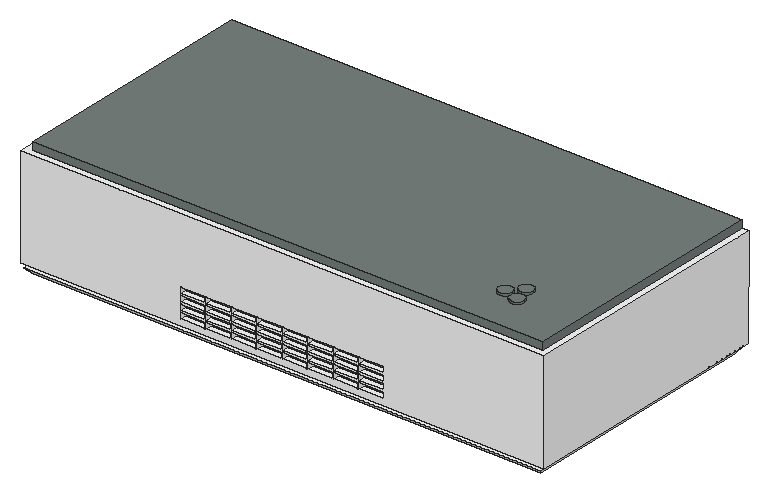
Revit family "AM 150 HHLBB", category Mechanical Equipment, Revit 2019
Family settings
  Round Connector Dimension = Use Diameter
  Part Type = Normal
  OmniClass Number = 23.75.00.00
  OmniClass Title = Climate Control (HVAC)
  Work Plane-Based = No
  Always vertical = Yes
  Cut with Voids When Loaded = No
  Shared = No
  Room Calculation Point = No
Parameters
  publication date = "09.10.2024"
  Weight (Standard Unit) = 47  # constant formula
  Water Heater Surface Return = 15 mm  # constant formula
  Water Heater Surface IN = 15 mm  # constant formula
  Version number = "1.0"
  URL = "https://www.airmaster-as.com/products/ventilation-units-wall-mounted/am-150"
  Total Width = 1170 mm  # constant formula
  Total Hight = 262 mm  # constant formula
  T-C Duct Supply = 158 mm  # constant formula
  T-C Duct Exhaust = 158 mm  # constant formula
  Suply Air In = 160 mm  # constant formula
  R-C Duct Supply = 105 mm  # constant formula
  Phase 1 - Max Power Consumption = "1175 W"
  Phase 1 - Max Current = "7,97 A"
  Nominal current, electrical preheating surface = "4,35 A"
  Nominal current, electrical comfort heating surface = "2,17 A"
  Nominal current, air handling unit = "1,45 A"
  Network Conection = "AWG 24 CAT 5e STP"
  Model = "AM 150 HHLBB"
  Max. flow rate 35 dB(A) with ePM10 80% filters = 120.00 m³  # constant formula
  Max. flow rate 35 dB(A) with ePM10 55% filters = 137.00 m³  # constant formula
  Max. flow rate 35 dB(A) with ePM10 50% filters = 156.00 m³  # constant formula
  Max. flow rate 30 dB(A) with ePM10 80% filters = 91.00 m³  # constant formula
  Max. flow rate 30 dB(A) with ePM10 55% filters = 98.00 m³  # constant formula
  Max. flow rate 30 dB(A) with ePM10 50% filters = 123.00 m³  # constant formula
  Manufacturer = "Airmaster A/S"
  Maintenance [instance] = no
  L-C Duct Exhaust = 105 mm  # constant formula
  Exhaust Air = 160 mm  # constant formula
  Total Depth = 571 mm  # constant formula
  Electrical connection = "1 ~ 230 V / N / PE / 50 Hz"
  Drawn By = "LSB"
  Condensate = 6 mm  # constant formula
  BMS Panel = "(PTS) 2x2x0,6"
  BMS Out = "(PTS) 2x2x0,6"
  BMS IN = "(PTS) 2x2x0,6"
  Airlow area [instance] = no
Reference planes
  plane 1 "Center (Front/Back)": y = 0
  plane 2: z = 0
  plane 3 "Center (Left/Right)": x = 0
  plane 4 "Center L/S": y = -571
  plane 5 "Center L/T": x = -585
  plane 6 "Center L/U": x = 585
  plane 7 "TOP": z = 262
  plane 8 "Center L/V": x = -570
  plane 9 "Center L/W": y = -556
  plane 10 "Center L/X": x = 570
  plane 11 "Panel Buttom": z = 20.747
  plane 12 "Panel Top": z = 246.501
  plane 13 "Hatch": z = 14.5
Forms (mm)
  Extrusion 1, solid, material "AM Grey"
    sketch origin (0, 0, 0) x (1, 0, 0) y (0, 1, 0)
      loop
        line (-570, 0) -> (-570, -556) -> (570, -556) -> (570, 0) -> (-570, 0)
    from 14.5 to 262
  Extrusion 2, solid, material "AM White"
    sketch origin (794.5, -1524, 20.747) x (0, -1, 0) y (-1, 0, 0)
      loop
        line (-1524, 1379.5) -> (-1524, 1364.5) -> (-968, 1364.5) -> (-968, 224.5) -> (-1524, 224.5) -> (-1524, 209.5) -> (-953, 209.5) -> (-953, 1379.5) -> (-1524, 1379.5)
    from 0 to -225.754
  Blend 3, solid, material "AM White"
    base sketch origin (-790.646, -1524, 14.5) x (0, -1, 0) y (1, 0, 0)
      loop
        line (-953, 212.613) -> (-953, 1368.657) -> (-1524, 1368.657) -> (-1524, 212.613) -> (-953, 212.613)
    top sketch origin (-790.646, -1524, 14.5) x (0, -1, 0) y (1, 0, 0)
      loop
        line (-968, 223.963) -> (-968, 1357.646) -> (-1509.161, 1357.646) -> (-1509.161, 223.963) -> (-968, 223.963)
    from 0 to -14.5
  Extrusion 4, solid, material "AM Grey"
    sketch origin (-570, 0, 0) x (1, 0, 0) y (0, 0, -1)
      loop
        circle (1050, -119.501) r 77.16
      loop
        circle (1050, -119.501) r 78
    from 0 to 18.45
  Extrusion 5, solid, material "AM Grey"
    sketch origin (-785, 0, 0) x (1, 0, 0) y (0, 0, -1)
      loop
        circle (305, -119.501) r 77.16
      loop
        circle (305, -119.501) r 78
    from 0 to 18.45
  Extrusion 6, solid, material "Maintenece", visible <- "Maintenance"
    sketch origin (-790.646, -1524, 0) x (1, 0, 0) y (0, -1, 0)
      loop
        line (205.646, -1524) -> (1375.646, -1524) -> (1375.646, -953) -> (205.646, -953) -> (205.646, -1524)
    from 0 to 1200
  Extrusion 7, solid, material "Maintenece", visible <- "Airlow area"
    sketch origin (643.033, 0, 24.45) x (0, -1, 0) y (0, 0, -1)
      loop
        line (0, -98.297) -> (571, -98.297) -> (571, 21) -> (0, 21) -> (0, -98.297)
    from -1175 to -1728.033
  Extrusion 8, solid, material "AM Grey"
    sketch origin (864.025, -882.881, 262) x (-1, 0, 0) y (0, -1, 0)
      loop
        circle (423.027, -417.273) r 15.55
    from 0 to 3
  Extrusion 9, solid, material "AM Grey"
    sketch origin (853.177, -901.249, 262) x (-1, 0, 0) y (0, -1, 0)
      loop
        circle (447.132, -446.023) r 15.55
    from 0 to 3
  Extrusion 10, solid, material "AM Grey"
    sketch origin (842.756, -882.303, 262) x (-1, 0, 0) y (0, -1, 0)
      loop
        circle (410.201, -452.535) r 15.55
    from 0 to 3
  Extrusion 11, void
    sketch origin (585, -571, 24.45) x (1, 0, 0) y (0, 0, -1)
      loop
        line (-811.5, -75.55) -> (-757.5, -75.55) -> (-757.5, -61.55) -> (-811.5, -61.55) -> (-811.5, -75.55)
      loop
        line (-811.5, -58.55) -> (-757.5, -58.55) -> (-757.5, -44.55) -> (-811.5, -44.55) -> (-811.5, -58.55)
      loop
        line (-811.5, -41.55) -> (-757.5, -41.55) -> (-757.5, -27.55) -> (-811.5, -27.55) -> (-811.5, -41.55)
      loop
        line (-811.5, -24.55) -> (-757.5, -24.55) -> (-757.5, -10.55) -> (-811.5, -10.55) -> (-811.5, -24.55)
      loop
        line (-754.5, -75.55) -> (-700.5, -75.55) -> (-700.5, -61.55) -> (-754.5, -61.55) -> (-754.5, -75.55)
      loop
        line (-754.5, -58.55) -> (-700.5, -58.55) -> (-700.5, -44.55) -> (-754.5, -44.55) -> (-754.5, -58.55)
      loop
        line (-754.5, -41.55) -> (-700.5, -41.55) -> (-700.5, -27.55) -> (-754.5, -27.55) -> (-754.5, -41.55)
      loop
        line (-754.5, -24.55) -> (-700.5, -24.55) -> (-700.5, -10.55) -> (-754.5, -10.55) -> (-754.5, -24.55)
      loop
        line (-697.5, -75.55) -> (-643.5, -75.55) -> (-643.5, -61.55) -> (-697.5, -61.55) -> (-697.5, -75.55)
      loop
        line (-697.5, -58.55) -> (-643.5, -58.55) -> (-643.5, -44.55) -> (-697.5, -44.55) -> (-697.5, -58.55)
      loop
        line (-697.5, -41.55) -> (-643.5, -41.55) -> (-643.5, -27.55) -> (-697.5, -27.55) -> (-697.5, -41.55)
      loop
        line (-697.5, -24.55) -> (-643.5, -24.55) -> (-643.5, -10.55) -> (-697.5, -10.55) -> (-697.5, -24.55)
      loop
        line (-640.5, -75.55) -> (-586.5, -75.55) -> (-586.5, -61.55) -> (-640.5, -61.55) -> (-640.5, -75.55)
      loop
        line (-640.5, -58.55) -> (-586.5, -58.55) -> (-586.5, -44.55) -> (-640.5, -44.55) -> (-640.5, -58.55)
      loop
        line (-640.5, -41.55) -> (-586.5, -41.55) -> (-586.5, -27.55) -> (-640.5, -27.55) -> (-640.5, -41.55)
      loop
        line (-640.5, -24.55) -> (-586.5, -24.55) -> (-586.5, -10.55) -> (-640.5, -10.55) -> (-640.5, -24.55)
      loop
        line (-583.5, -75.55) -> (-529.5, -75.55) -> (-529.5, -61.55) -> (-583.5, -61.55) -> (-583.5, -75.55)
      loop
        line (-583.5, -58.55) -> (-529.5, -58.55) -> (-529.5, -44.55) -> (-583.5, -44.55) -> (-583.5, -58.55)
      loop
        line (-583.5, -41.55) -> (-529.5, -41.55) -> (-529.5, -27.55) -> (-583.5, -27.55) -> (-583.5, -41.55)
      loop
        line (-583.5, -24.55) -> (-529.5, -24.55) -> (-529.5, -10.55) -> (-583.5, -10.55) -> (-583.5, -24.55)
      loop
        line (-526.5, -75.55) -> (-472.5, -75.55) -> (-472.5, -61.55) -> (-526.5, -61.55) -> (-526.5, -75.55)
      loop
        line (-526.5, -58.55) -> (-472.5, -58.55) -> (-472.5, -44.55) -> (-526.5, -44.55) -> (-526.5, -58.55)
      loop
        line (-526.5, -41.55) -> (-472.5, -41.55) -> (-472.5, -27.55) -> (-526.5, -27.55) -> (-526.5, -41.55)
      loop
        line (-526.5, -24.55) -> (-472.5, -24.55) -> (-472.5, -10.55) -> (-526.5, -10.55) -> (-526.5, -24.55)
      loop
        line (-469.5, -75.55) -> (-415.5, -75.55) -> (-415.5, -61.55) -> (-469.5, -61.55) -> (-469.5, -75.55)
      loop
        line (-469.5, -58.55) -> (-415.5, -58.55) -> (-415.5, -44.55) -> (-469.5, -44.55) -> (-469.5, -58.55)
      loop
        line (-469.5, -41.55) -> (-415.5, -41.55) -> (-415.5, -27.55) -> (-469.5, -27.55) -> (-469.5, -41.55)
      loop
        line (-469.5, -24.55) -> (-415.5, -24.55) -> (-415.5, -10.55) -> (-469.5, -10.55) -> (-469.5, -24.55)
      loop
        line (-412.5, -75.55) -> (-358.5, -75.55) -> (-358.5, -61.55) -> (-412.5, -61.55) -> (-412.5, -75.55)
      loop
        line (-412.5, -58.55) -> (-358.5, -58.55) -> (-358.5, -44.55) -> (-412.5, -44.55) -> (-412.5, -58.55)
      loop
        line (-412.5, -41.55) -> (-358.5, -41.55) -> (-358.5, -27.55) -> (-412.5, -27.55) -> (-412.5, -41.55)
      loop
        line (-412.5, -24.55) -> (-358.5, -24.55) -> (-358.5, -10.55) -> (-412.5, -10.55) -> (-412.5, -24.55)
    from 0 to 15
  Extrusion 12, void
    sketch origin (-585, 0, 20.747) x (0, 1, 0) y (0, 0, 1)
      loop
        line (-529, 79.253) -> (-529, 65.253) -> (-475, 65.253) -> (-475, 79.253) -> (-529, 79.253)
      loop
        line (-529, 62.253) -> (-529, 48.253) -> (-475, 48.253) -> (-475, 62.253) -> (-529, 62.253)
      loop
        line (-529, 45.253) -> (-529, 31.253) -> (-475, 31.253) -> (-475, 45.253) -> (-529, 45.253)
      loop
        line (-529, 28.253) -> (-529, 14.253) -> (-475, 14.253) -> (-475, 28.253) -> (-529, 28.253)
      loop
        line (-472, 79.253) -> (-472, 65.253) -> (-418, 65.253) -> (-418, 79.253) -> (-472, 79.253)
      loop
        line (-472, 62.253) -> (-472, 48.253) -> (-418, 48.253) -> (-418, 62.253) -> (-472, 62.253)
      loop
        line (-472, 45.253) -> (-472, 31.253) -> (-418, 31.253) -> (-418, 45.253) -> (-472, 45.253)
      loop
        line (-472, 28.253) -> (-472, 14.253) -> (-418, 14.253) -> (-418, 28.253) -> (-472, 28.253)
      loop
        line (-415, 79.253) -> (-415, 65.253) -> (-361, 65.253) -> (-361, 79.253) -> (-415, 79.253)
      loop
        line (-415, 62.253) -> (-415, 48.253) -> (-361, 48.253) -> (-361, 62.253) -> (-415, 62.253)
      loop
        line (-415, 45.253) -> (-415, 31.253) -> (-361, 31.253) -> (-361, 45.253) -> (-415, 45.253)
      loop
        line (-415, 28.253) -> (-415, 14.253) -> (-361, 14.253) -> (-361, 28.253) -> (-415, 28.253)
      loop
        line (-358, 79.253) -> (-358, 65.253) -> (-304, 65.253) -> (-304, 79.253) -> (-358, 79.253)
      loop
        line (-358, 62.253) -> (-358, 48.253) -> (-304, 48.253) -> (-304, 62.253) -> (-358, 62.253)
      loop
        line (-358, 45.253) -> (-358, 31.253) -> (-304, 31.253) -> (-304, 45.253) -> (-358, 45.253)
      loop
        line (-358, 28.253) -> (-358, 14.253) -> (-304, 14.253) -> (-304, 28.253) -> (-358, 28.253)
      loop
        line (-301, 79.253) -> (-301, 65.253) -> (-247, 65.253) -> (-247, 79.253) -> (-301, 79.253)
      loop
        line (-301, 62.253) -> (-301, 48.253) -> (-247, 48.253) -> (-247, 62.253) -> (-301, 62.253)
      loop
        line (-301, 45.253) -> (-301, 31.253) -> (-247, 31.253) -> (-247, 45.253) -> (-301, 45.253)
      loop
        line (-301, 28.253) -> (-301, 14.253) -> (-247, 14.253) -> (-247, 28.253) -> (-301, 28.253)
    from 0 to 15
Cuts and joins
  Extrusion 11, Extrusion 12 cuts Extrusion 1
  Extrusion 11, Extrusion 12 cuts Extrusion 2
  Extrusion 12 cuts Extrusion 7
Dimensions and locks
  "Total Depth": plane 4 "Center L/S" to plane 1 "Center (Front/Back)"
  equal spacing: plane 5 "Center L/T", plane 3 "Center (Left/Right)", plane 6 "Center L/U"
  "Total Width": plane 5 "Center L/T" to plane 6 "Center L/U"
  "Total Hight": plane 7 "TOP" to level
  locked: plane 10 "Center L/X" to plane 6 "Center L/U" at 15
  locked: plane 4 "Center L/S" to plane 9 "Center L/W" at 15
  locked: plane 8 "Center L/V" to plane 5 "Center L/T" at 15
  Extrusion 1 to Blend 3 sketch curve = 14.839 mm
  plane 11 "Panel Buttom" to level = 20.747 mm
  plane 7 "TOP" to plane 12 "Panel Top" = 15.499 mm
  aligned and locked: level to plane 2
  aligned and locked: plane 1 "Center (Front/Back)" to Extrusion 1 sketch curve
  aligned and locked: plane 8 "Center L/V" to Extrusion 1 sketch curve
  aligned and locked: Extrusion 1 sketch curve to plane 9 "Center L/W"
  aligned and locked: Extrusion 1 sketch curve to plane 10 "Center L/X"
  aligned and locked: plane 7 "TOP" to Extrusion 1
  aligned and locked: plane 5 "Center L/T" to Extrusion 2 sketch curve
  aligned and locked: plane 4 "Center L/S" to Extrusion 2 sketch curve
  aligned and locked: plane 6 "Center L/U" to Extrusion 2 sketch curve
  aligned and locked: Extrusion 2 sketch curve to Extrusion 1  (x3)
  aligned and locked: plane 1 "Center (Front/Back)" to Extrusion 2 sketch curve
  aligned and locked: Extrusion 2 to plane 12 "Panel Top"
  aligned and locked: Blend 3 to plane 2
  aligned and locked: plane 13 "Hatch" to Extrusion 1
Automatic sketch dimensions
  plane 1 "Center (Front/Back)" to Extrusion 2 sketch curve = 0 mm
  plane 1 "Center (Front/Back)" to Blend 3 sketch curve = 0 mm
  plane 4 "Center L/S" to Blend 3 sketch curve = 0 mm
  plane 5 "Center L/T" to Blend 3 sketch curve = 6.967 mm
  Blend 3 sketch curve to plane 6 "Center L/U" = 6.989 mm
  plane 9 "Center L/W" to Blend 3 sketch curve = 0 mm
  plane 8 "Center L/V" to Blend 3 sketch curve = 3.316 mm
  Blend 3 sketch curve to plane 10 "Center L/X" = 3 mm
  Extrusion 4 sketch curve to Extrusion 4 sketch curve = 0 mm  (x2)
  Extrusion 4 sketch curve to Extrusion 1 = 90 mm
  Extrusion 1 to Extrusion 4 sketch curve = 105.001 mm
  Extrusion 6 sketch curve to Blend 3 = 18.316 mm
  Extrusion 6 sketch curve to Blend 3 = 18 mm
  Extrusion 6 sketch curve to Blend 3 = 15 mm
  Extrusion 6 sketch curve to Blend 3 = 14.839 mm
  Extrusion 7 sketch curve to plane 1 "Center (Front/Back)" = 0 mm
  Extrusion 7 sketch curve to plane 4 "Center L/S" = 0 mm
  Extrusion 7 sketch curve to plane 11 "Panel Buttom" = 102 mm
  level to Extrusion 7 sketch curve = 3.45 mm
  Extrusion 11 sketch curve to Extrusion 2 = 79.253 mm  (x2)
  Extrusion 11 sketch curve to Extrusion 2 = 358.5 mm
  Extrusion 11 sketch curve to Extrusion 2 = 14.253 mm
  Extrusion 11 sketch curve to Extrusion 11 sketch curve = 0 mm  (x60)
  Extrusion 11 sketch curve to Extrusion 11 sketch curve = 54 mm  (x8)
  Extrusion 11 sketch curve to Extrusion 11 sketch curve = 3 mm  (x38)
  Extrusion 11 sketch curve to Extrusion 11 sketch curve = 14 mm  (x18)
  Extrusion 2 to Extrusion 12 sketch curve = 42 mm  (x2)
  Extrusion 12 sketch curve to Extrusion 2 = 14.253 mm  (x3)
  Extrusion 12 sketch curve to Extrusion 12 sketch curve = 0 mm  (x34)
  Extrusion 12 sketch curve to Extrusion 12 sketch curve = 54 mm  (x5)
  Extrusion 12 sketch curve to Extrusion 12 sketch curve = 3 mm  (x23)
  Extrusion 12 sketch curve to Extrusion 12 sketch curve = 14 mm  (x13)
  Extrusion 8 sketch curve to Extrusion 1 = 1010.998 mm
  Extrusion 8 sketch curve to Extrusion 1 = 90.392 mm
  Extrusion 9 sketch curve to Extrusion 1 = 976.045 mm
  Extrusion 9 sketch curve to Extrusion 1 = 100.774 mm
  Extrusion 10 sketch curve to Extrusion 1 = 1002.555 mm
  Extrusion 10 sketch curve to Extrusion 1 = 126.232 mm
  radius of Extrusion 4 sketch curve = 77.16 mm
  radius of Extrusion 4 sketch curve = 78 mm
  radius of Extrusion 8 sketch curve = 15.55 mm
  radius of Extrusion 9 sketch curve = 15.55 mm
  radius of Extrusion 10 sketch curve = 15.55 mm
Nested families
  nested 1: "Model Label 2019" at (0, -361.924, 0), Label <- "Model", type "Model Label 2019"
    with Label "AM 150 HHLBB"
  nested 2: "Pil Indtag" at (-1115, -380, 0), type "Pil Indtag"
    with dX_ 609 mm, dX 609 mm, ang2D 0.00°
  nested 3: "indblæssymbol" at (0, -621, 0) x (0, -1, 0) z (0, 0, 1), type "indblæssymbol"
    with dX_ 609 mm, dX 609 mm, ang2D 0.00°
Connectors
  electrical at (440.998, -465.608, 262)
    settings: on Extrusion 8, index 13, voltage 230 V, apparent load 0 VA, apparent load phase1 0 VA, apparent load phase2 0 VA, apparent load phase3 0 VA, power factor 0.55, load classification "Other", number of poles 1, system type 30, power factor state 1, is connector primary yes, connector utility no, sub classification motor no, connector description ""
  electrical at (406.045, -455.226, 262), driven by "BMS Out"
    settings: on Extrusion 9, index 14, voltage 0 V, apparent load 0 VA, apparent load phase1 0 VA, apparent load phase2 0 VA, apparent load phase3 0 VA, power factor 1, load classification "Other", number of poles 1, system type 5, power factor state 1, is connector primary no, connector utility no, sub classification motor no, connector description "(PTS) 2x2x0,6"
  electrical at (432.555, -429.768, 262), driven by "BMS IN"
    settings: on Extrusion 10, index 15, voltage 0 V, apparent load 0 VA, apparent load phase1 0 VA, apparent load phase2 0 VA, apparent load phase3 0 VA, power factor 1, load classification "Other", number of poles 1, system type 5, power factor state 1, is connector primary no, connector utility no, sub classification motor no, connector description "(PTS) 2x2x0,6"
  hvac at (-480, 0, 119.501), driven by "Exhaust Air"
    settings: on Extrusion 5, index 16, duct flow 0.0 L/s, flow factor 0, pres drop 0.0 Pa, loss coef 0, conn angle 0.00°, conn width 304.8 mm, conn height 304.8 mm, conn diameter 160 mm, duct sys type 1, conn prof type 0, flow config 2, flow direction 2, loss method 0, conn ref index -1, conn util no, is conn primary yes, conn desc ""
  hvac at (480, 0, 119.501), driven by "Suply Air In"
    settings: on Extrusion 4, index 17, duct flow 0.0 L/s, flow factor 0, pres drop 0.0 Pa, loss coef 0, conn angle 0.00°, conn width 304.8 mm, conn height 304.8 mm, conn diameter 160 mm, duct sys type 3, conn prof type 0, flow config 2, flow direction 1, loss method 0, conn ref index -1, conn util no, is conn primary no, conn desc ""
Definition of nested family "Model Label 2019"
  Parameters (values of type "Model Label 2019")
    Label [instance] = ""
  Reference planes
    plane 1: y = 0
    plane 2: x = 0
  Text (mm)
    label "Label" at (-0.131, 0.049, 0), shows "Label"
Definition of nested family "Pil Indtag"
  Parameters (values of type "Pil Indtag")
    dX_ [instance] = if(dX = 0 mm, 1 mm, dX)  # 609 mm
    dX [instance] = 609 mm
    ang2D [instance] = 0.00°
    Type Comments = "DO NOT CHANGE dX value from 608 mm ( 2 ft )"
    Afstand pil = 50 mm
  Reference planes
    plane 1 "Center (Front/Back)": y = 0
    plane 2: z = 0
    plane 3 "Center (Left/Right)": x = 0
    plane 4: x = 500
  Lines and regions (mm)
    Filled region 1, type "Concrete", in view "Ref. Level"
      outline origin (0, 0, 0) x (1, 0, 0) y (0, 1, 0)
        loop
          line (499.552, 0) -> (401.072, 17.365) -> (401.072, -17.365) -> (499.552, 0)
    reference lines, in view "Ref. Level"
      curve 1: line (50, 134.129, 0) -> (50, -145.871, 0)
    detail lines, in view "Ref. Level", not visible
      curve 2: arc (335, 0, 0) -> (385.559, -50.321, 0) -> (434.999, 1.101, 0) r 50.01
      curve 3: arc (335, 0, 0) -> (285.666, 52.633, 0) -> (235.069, 1.212, 0) r 50.01
      curve 4: line (434.999, 1.101, 0) -> (434.999, 21.156, 0)
      curve 5: line (235.069, 1.212, 0) -> (235.069, -18.844, 0)
    detail lines, in view "Ref. Level"
      curve 6: arc (225.332, 0, 0) -> (272.332, -35.211, 0) -> (294.114, 19.326, 0) r 36.995
      curve 7: arc (225.206, 0, 0) -> (173.868, 30.307, 0) -> (156.85, -26.829, 0) r 37.835
      curve 8: line (499.552, 0, 0) -> (401.072, 17.365, 0)
      curve 9: line (401.072, 17.365, 0) -> (401.072, -17.365, 0)
      curve 10: line (401.072, -17.365, 0) -> (499.552, 0, 0)
      curve 11: line (499.552, 0, 0) -> (-15.448, 0, 0)
  Dimensions and locks
    "Afstand pil": plane 3 "Center (Left/Right)" to curve 1
    plane 3 "Center (Left/Right)" to plane 4 = 500 mm
  Automatic sketch dimensions
    plane 1 "Center (Front/Back)" to Filled region 1 sketch curve = 0 mm
    Filled region 1 sketch curve to plane 4 = 0.448 mm
    plane 1 "Center (Front/Back)" to Filled region 1 sketch curve = 17.365 mm
    Filled region 1 sketch curve to plane 4 = 98.928 mm
    Filled region 1 sketch curve to plane 1 "Center (Front/Back)" = 17.365 mm
    plane 1 "Center (Front/Back)" to curve 11 = 0 mm
    plane 1 "Center (Front/Back)" to curve 7 = 4.913 mm
    plane 3 "Center (Left/Right)" to curve 7 = 187.691 mm
    curve 6 to plane 1 "Center (Front/Back)" = 0.405 mm
    curve 7 to curve 6 = 74.634 mm
    curve 9 to plane 1 "Center (Front/Back)" = 17.365 mm
    curve 9 to plane 4 = 98.928 mm
    curve 11 to plane 4 = 0.448 mm
    plane 1 "Center (Front/Back)" to curve 10 = 17.365 mm
    curve 7 to curve 7 = 30.842 mm
    curve 11 to plane 3 "Center (Left/Right)" = 15.448 mm
    curve 7 to curve 6 = 37.119 mm
    curve 7 to curve 6 = 0.126 mm
    curve 6 to plane 1 "Center (Front/Back)" = 19.326 mm
    plane 1 "Center (Front/Back)" to curve 1 = 145.871 mm
    curve 1 to plane 1 "Center (Front/Back)" = 134.129 mm
Definition of nested family "indblæssymbol"
  Parameters (values of type "indblæssymbol")
    dX_ [instance] = if(dX = 0 mm, 1 mm, dX)  # 609 mm
    dX [instance] = 609 mm
    ang2D [instance] = 0.00°
    Type Comments = "DO NOT CHANGE dX value from 608 mm ( 2 ft )"
    Afstand pil = 50 mm
  Reference planes
    plane 1 "Center (Front/Back)": y = 0
    plane 2: z = 0
    plane 3 "Center (Left/Right)": x = 0
  Lines and regions (mm)
    Filled region 1, type "Concrete", in view "Ref. Level"
      outline origin (50.005, 0, 0) x (1, 0, 0) y (0, 1, 0)
        loop
          line (399.995, 0.414) -> (301.442, 17.365) -> (301.588, -17.365) -> (399.995, 0.414)
    reference lines, in view "Ref. Level"
      curve 1: line (50, 134.129, 0) -> (50, -145.871, 0)
    detail lines, in view "Ref. Level"
      curve 2: line (351.52, 0, 0) -> (50, 0, 0)
  Dimensions and locks
    "Afstand pil": plane 3 "Center (Left/Right)" to curve 1
    curve 1 to Filled region 1 = 400 mm
  Automatic sketch dimensions
    Filled region 1 sketch curve to plane 1 "Center (Front/Back)" = 0.414 mm
    plane 3 "Center (Left/Right)" to Filled region 1 sketch curve = 450 mm
    plane 1 "Center (Front/Back)" to Filled region 1 sketch curve = 17.365 mm
    Filled region 1 sketch curve to Filled region 1 sketch curve = 98.407 mm
    Filled region 1 sketch curve to plane 1 "Center (Front/Back)" = 17.365 mm
    Filled region 1 sketch curve to Filled region 1 sketch curve = 0.146 mm
    plane 1 "Center (Front/Back)" to curve 2 = 0 mm
    plane 3 "Center (Left/Right)" to curve 2 = 50 mm
    curve 2 to curve 2 = 301.52 mm
    plane 1 "Center (Front/Back)" to curve 1 = 145.871 mm
    curve 1 to plane 1 "Center (Front/Back)" = 134.129 mm
